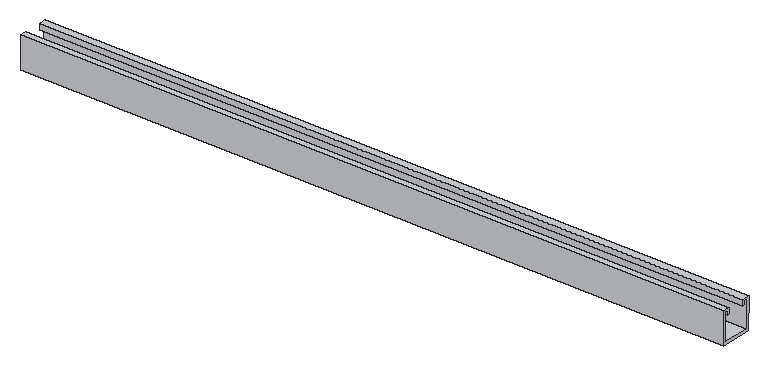
Revit family "Unistrut", category Structural Framing, Revit 2013
Parameters (values of type "1-5/8" P1000")
  Strut Length [instance] = 3' - 1"
  Strut Depth = 0' - 1 5/8"
  Structural Material [instance] = Steel ASTM A500, Grade B, Rectangular and Square
  Model = "P1000"
  Manufacturer = "Unistrut"  # constant formula
Types (4): name | Strut Depth | Structural Material | Model
  1-5/8" P1000 | 0' - 1 5/8" | Steel ASTM A500, Grade B, Rectangular and Square | "P1000"
  1-3/8" P3000 | 0' - 1 3/8" | (empty or 0) | "P3000"
  7/8" P3300 | 0' - 0 7/8" | Steel ASTM A500, Grade B, Rectangular and Square | "P3300"
  2-7/16" P5500 | 0' - 2 7/16" | (empty or 0) | "P5500"
Reference planes (in)
  plane 1 "Center (Front/Back)": y = 0
  plane 2: z = 0
  plane 3 "Center (Left/Right)": x = 0
  plane 4: z = 1.625
  plane 5: x = -17.42852
  plane 6: x = 19.57148
Forms (in)
  Extrusion 1, solid
    sketch origin (-1.53278, 0, 0) x (0, 1, 0) y (0, 0, 1)
      loop
        line (0.8125, 0) -> (0.8125, 1.625) -> (0.4375, 1.625) -> (0.4375, 1.34375) -> (0.54297, 1.34375) -> (0.54297, 1.51953) -> (0.70703, 1.51953) -> (0.70703, 0.10547) -> (-0.70703, 0.10547) -> (-0.70703, 1.51953) -> (-0.54297, 1.51953) -> (-0.54297, 1.34375) -> (-0.4375, 1.34375) -> (-0.4375, 1.625) -> (-0.8125, 1.625) -> (-0.8125, 0) -> (0.8125, 0)
    from -15.89574 to 21.10426
Dimensions and locks (in)
  "Strut Depth": plane 4 to level
  "Strut Length": plane 5 to plane 6
  aligned and locked: plane 2 to level
  aligned and locked: plane 4 to Extrusion 1 sketch curve  (x2)
  aligned and locked: Extrusion 1 to plane 5
  aligned and locked: plane 6 to Extrusion 1
Automatic sketch dimensions
  Extrusion 1 sketch curve to level = 0' - 0"
  plane 1 "Center (Front/Back)" to Extrusion 1 sketch curve = 0' - 0 13/16"
  level to Extrusion 1 sketch curve = 0' - 0 27/256"
  Extrusion 1 sketch curve to Extrusion 1 sketch curve = 0' - 0 27/256"  (x4)
  Extrusion 1 sketch curve to Extrusion 1 sketch curve = 0' - 0 21/128"  (x2)
  Extrusion 1 sketch curve to plane 1 "Center (Front/Back)" = 0' - 0 7/16"
  Extrusion 1 sketch curve to plane 4 = 0' - 0 9/32"  (x2)
  Extrusion 1 sketch curve to plane 4 = 0' - 0 27/256"  (x2)
